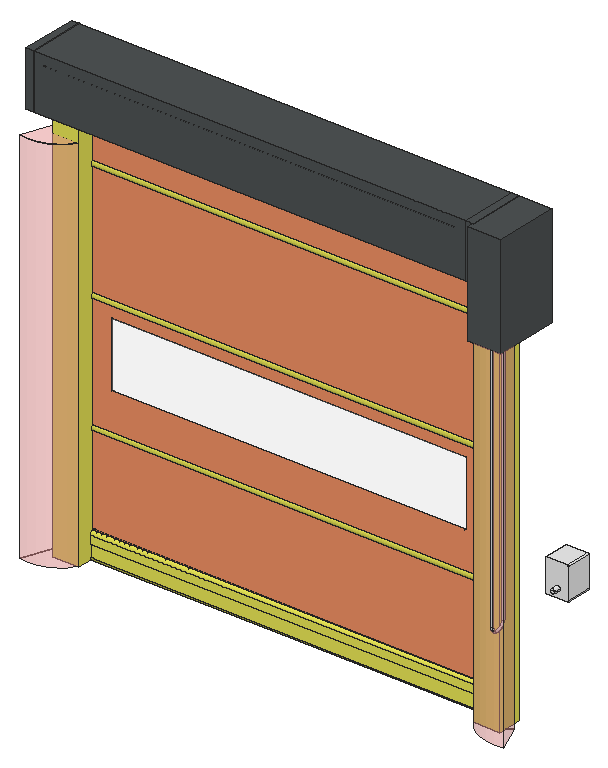
Revit family "Doors_Industrial_Wayne-Dalton_Strutted-Exterior-High-Speed-Fabric-Doors-Model-883-ADV-Xtreme_", category Specialty Equipment, host Wall, Revit 2019 (continued)
Definition of nested family "Panel"
  Forms (in)
    Extrusion 8, solid, material <- "Window Material", visible <- "Many Window"
      sketch origin (101.02023, 0, -10) x (1, 0, 0) y (0, 0, 1)
        loop
          line (-155.02023, 78) -> (-155.02023, 58) -> (-47.02023, 58) -> (-47.02023, 78) -> (-155.02023, 78)
      from 0 to 0.16
    Extrusion 9, solid, material <- "Window Material", visible <- "Many Window"
      sketch origin (101.02023, 0, -10) x (1, 0, 0) y (0, 0, 1)
        loop
          line (-155.02023, 78) -> (-155.02023, 58) -> (-47.02023, 58) -> (-47.02023, 78) -> (-155.02023, 78)
      from 0 to 0.16
    Extrusion 10, solid, material <- "Finish Material", visible <- "Struts Array Visibility"
      sketch origin (60, -180, -12.03597) x (0, 0, -1) y (0, -1, 0)
        loop
          line (-48.85597, -179.8315) -> (-48.70666, -179.8315) -> (-48.70666, -180.0085) -> (-48.85597, -180.0085)
          spline (-48.85597, -180.0085) -> (-48.79308, -180.09146) -> (-48.69212, -180.16584) -> (-48.55813, -180.22795) -> (-48.39782, -180.27467) -> (-48.21919, -180.30367) -> (-48.03116, -180.3135) -> (-47.84313, -180.30367) -> (-47.6645, -180.27467) -> (-47.50418, -180.22795) -> (-47.3702, -180.16584) -> (-47.26924, -180.09146) -> (-47.20635, -180.0085)
          line (-47.20635, -180.0085) -> (-47.35566, -180.0085) -> (-47.35566, -179.8315) -> (-47.20635, -179.8315)
          spline (-47.20635, -179.8315) -> (-47.26924, -179.74854) -> (-47.3702, -179.67416) -> (-47.50418, -179.61205) -> (-47.6645, -179.56533) -> (-47.84313, -179.53633) -> (-48.03116, -179.5265) -> (-48.21919, -179.53633) -> (-48.39782, -179.56533) -> (-48.55813, -179.61205) -> (-48.69212, -179.67416) -> (-48.79308, -179.74854) -> (-48.85597, -179.8315)
      from 0 to 120 <- "Width"
    Extrusion 11, solid, material <- "Finish Material", visible <- "Struts 1 Visibility"
      sketch origin (0, 0, -0.15413) x (0, 1, 0) y (0, 0, 1)
        loop
          spline (-0.1685, 36.97413) -> (-0.25146, 36.91123) -> (-0.32584, 36.81027) -> (-0.38795, 36.67629) -> (-0.43467, 36.51597) -> (-0.46367, 36.33734) -> (-0.4735, 36.14931) -> (-0.46367, 35.96128) -> (-0.43467, 35.78265) -> (-0.38795, 35.62234) -> (-0.32584, 35.48835) -> (-0.25146, 35.38739) -> (-0.1685, 35.3245)
          line (-0.1685, 35.3245) -> (-0.1685, 35.47381) -> (0.0085, 35.47381) -> (0.0085, 35.3245)
          spline (0.0085, 35.3245) -> (0.09146, 35.38739) -> (0.16584, 35.48835) -> (0.22795, 35.62234) -> (0.27467, 35.78265) -> (0.30367, 35.96128) -> (0.3135, 36.14931) -> (0.30367, 36.33734) -> (0.27467, 36.51597) -> (0.22795, 36.67629) -> (0.16584, 36.81027) -> (0.09146, 36.91123) -> (0.0085, 36.97413)
          line (0.0085, 36.97413) -> (0.0085, 36.82481) -> (-0.1685, 36.82481) -> (-0.1685, 36.97413)
      from -60 to 60
    Extrusion 12, solid, material <- "Finish Material", visible <- "Struts Array Visibility", not visible
      sketch origin (60, -182.54876, -17.30986) x (0, 0, -1) y (0, -1, 0)
        loop
          line (-51.49533, -179.8315) -> (-51.34601, -179.8315) -> (-51.34601, -180.0085) -> (-51.49533, -180.0085)
          spline (-51.49533, -180.0085) -> (-51.43243, -180.09146) -> (-51.33147, -180.16584) -> (-51.19749, -180.22795) -> (-51.03717, -180.27467) -> (-50.85854, -180.30367) -> (-50.67051, -180.3135) -> (-50.48248, -180.30367) -> (-50.30385, -180.27467) -> (-50.14354, -180.22795) -> (-50.00955, -180.16584) -> (-49.90859, -180.09146) -> (-49.8457, -180.0085)
          line (-49.8457, -180.0085) -> (-49.99501, -180.0085) -> (-49.99501, -179.8315) -> (-49.8457, -179.8315)
          spline (-49.8457, -179.8315) -> (-49.90859, -179.74854) -> (-50.00955, -179.67416) -> (-50.14354, -179.61205) -> (-50.30385, -179.56533) -> (-50.48248, -179.53633) -> (-50.67051, -179.5265) -> (-50.85854, -179.53633) -> (-51.03717, -179.56533) -> (-51.19749, -179.61205) -> (-51.33147, -179.67416) -> (-51.43243, -179.74854) -> (-51.49533, -179.8315)
      from 0 to 120 <- "Width"
    Extrusion 13, solid, material <- "Finish Material", visible <- "Struts Array Visibility"
      sketch origin (60, -180, 23.96403) x (0, 0, -1) y (0, -1, 0)
        loop
          line (-48.85597, -179.8315) -> (-48.70666, -179.8315) -> (-48.70666, -180.0085) -> (-48.85597, -180.0085)
          spline (-48.85597, -180.0085) -> (-48.79308, -180.09146) -> (-48.69212, -180.16584) -> (-48.55813, -180.22795) -> (-48.39782, -180.27467) -> (-48.21919, -180.30367) -> (-48.03116, -180.3135) -> (-47.84313, -180.30367) -> (-47.6645, -180.27467) -> (-47.50418, -180.22795) -> (-47.3702, -180.16584) -> (-47.26924, -180.09146) -> (-47.20635, -180.0085)
          line (-47.20635, -180.0085) -> (-47.35566, -180.0085) -> (-47.35566, -179.8315) -> (-47.20635, -179.8315)
          spline (-47.20635, -179.8315) -> (-47.26924, -179.74854) -> (-47.3702, -179.67416) -> (-47.50418, -179.61205) -> (-47.6645, -179.56533) -> (-47.84313, -179.53633) -> (-48.03116, -179.5265) -> (-48.21919, -179.53633) -> (-48.39782, -179.56533) -> (-48.55813, -179.61205) -> (-48.69212, -179.67416) -> (-48.79308, -179.74854) -> (-48.85597, -179.8315)
      from 0 to 120 <- "Width"
    Extrusion 14, solid, material <- "Finish Material", visible <- "Struts Array Visibility"
      sketch origin (60, -180, 59.96403) x (0, 0, -1) y (0, -1, 0)
        loop
          line (-48.85597, -179.8315) -> (-48.70666, -179.8315) -> (-48.70666, -180.0085) -> (-48.85597, -180.0085)
          spline (-48.85597, -180.0085) -> (-48.79308, -180.09146) -> (-48.69212, -180.16584) -> (-48.55813, -180.22795) -> (-48.39782, -180.27467) -> (-48.21919, -180.30367) -> (-48.03116, -180.3135) -> (-47.84313, -180.30367) -> (-47.6645, -180.27467) -> (-47.50418, -180.22795) -> (-47.3702, -180.16584) -> (-47.26924, -180.09146) -> (-47.20635, -180.0085)
          line (-47.20635, -180.0085) -> (-47.35566, -180.0085) -> (-47.35566, -179.8315) -> (-47.20635, -179.8315)
          spline (-47.20635, -179.8315) -> (-47.26924, -179.74854) -> (-47.3702, -179.67416) -> (-47.50418, -179.61205) -> (-47.6645, -179.56533) -> (-47.84313, -179.53633) -> (-48.03116, -179.5265) -> (-48.21919, -179.53633) -> (-48.39782, -179.56533) -> (-48.55813, -179.61205) -> (-48.69212, -179.67416) -> (-48.79308, -179.74854) -> (-48.85597, -179.8315)
      from 0 to 120 <- "Width"
  Cuts and joins
    Extrusion 3, Extrusion 4, Extrusion 5 cuts Extrusion 1
  Dimensions and locks (in)
    equal spacing: plane 5, plane 3 "Center (Left/Right)", plane 6
    "Width": plane 5 to plane 6
    "Height Real": plane 4 to level
    locked: plane 7 to plane 5 at 8
    locked: plane 6 to plane 8 at 8
    "Window Height": plane 12 to plane 11
    locked: Extrusion 1 sketch curve to level at 0.5
    locked: Extrusion 6 sketch curve to level at 0.5
    locked: plane 7 to plane 9 at 14
    locked: plane 8 to plane 10 at 14
    "1 Window Offset": plane 5 to plane 14
    equal spacing: Extrusion 3 sketch curve, plane 14, Extrusion 3 sketch curve
    "Window Width": Extrusion 3 sketch curve to Extrusion 3 sketch curve
    "Window Width": plane 9 to Extrusion 4 sketch curve
    "Window Width": plane 10 to Extrusion 5 sketch curve
    equal spacing: Extrusion 2 sketch curve, plane 3 "Center (Left/Right)", Extrusion 2 sketch curve
    "Window Width": Extrusion 2 sketch curve to Extrusion 2 sketch curve
    equal spacing: plane 12, plane 15, plane 11
    equal spacing: Extrusion 7 sketch curve, plane 3 "Center (Left/Right)", cut or joined group of Extrusion 1, Extrusion 3, Extrusion 4, Extrusion 5
    "Window Width": Extrusion 7 sketch curve to Extrusion 7 sketch curve
    "Window Width": Extrusion 8 sketch curve to Extrusion 8 sketch curve
    "Window Width": Extrusion 9 sketch curve to Extrusion 9 sketch curve
    group 1 to group 2 = 0"  (x3)
    locked: plane 11 to level at 48
    locked: plane 16 to level at 36.82
    locked: plane 17 to plane 16 at 36
    equal spacing: group 6, group 5, group 4
    equal spacing: group 4, group 5, group 6  (x2)
    aligned and locked: plane 2 to level
    aligned and locked: Extrusion 1 sketch curve to plane 5
    aligned and locked: Extrusion 1 sketch curve to plane 6
    aligned and locked: Extrusion 1 sketch curve to plane 4
    aligned and locked: Extrusion 2 sketch curve to plane 12
    aligned and locked: Extrusion 2 sketch curve to plane 11
    aligned and locked: Extrusion 4 sketch curve to plane 12
    aligned and locked: Extrusion 4 sketch curve to plane 11
    aligned and locked: Extrusion 4 sketch curve to plane 9
    aligned and locked: Extrusion 5 sketch curve to plane 10
    aligned and locked: Extrusion 5 sketch curve to plane 12
    aligned and locked: Extrusion 5 sketch curve to plane 11
    aligned and locked: Extrusion 6 sketch curve to plane 5
    aligned and locked: Extrusion 6 sketch curve to plane 6
    aligned and locked: Extrusion 6 sketch curve to plane 4
    aligned and locked: Extrusion 3 sketch curve to plane 12
    aligned and locked: plane 11 to Extrusion 3 sketch curve
    aligned and locked: Extrusion 6 to plane 6
    aligned and locked: Extrusion 6 to plane 5
    aligned and locked: Extrusion 7 sketch curve to plane 12
    aligned and locked: plane 11 to Extrusion 7 sketch curve
    aligned and locked: plane 9 to Extrusion 8
    aligned and locked: plane 10 to Extrusion 9
    aligned and locked: Extrusion 9 to plane 11
    aligned and locked: Extrusion 8 to plane 11
    aligned and locked: Extrusion 11 to plane 6
    aligned and locked: plane 5 to Extrusion 11
    aligned and locked: Extrusion 10 to plane 16
    aligned and locked: Extrusion 13 to plane 17
    aligned and locked: Extrusion 11 to plane 16
    aligned and locked: Extrusion 10 to plane 6
    aligned and locked: Extrusion 13 to plane 6
  Automatic sketch dimensions
    Extrusion 8 sketch curve to Extrusion 8 sketch curve = 20"
    Extrusion 9 sketch curve to Extrusion 9 sketch curve = 20"
    Extrusion 12 sketch curve to Extrusion 12 sketch curve = 0"  (x4)
    Extrusion 12 sketch curve to Extrusion 12 sketch curve = 0.14931"  (x3)
    Extrusion 12 sketch curve to Extrusion 12 sketch curve = 1.351"
    Extrusion 12 sketch curve to Extrusion 12 sketch curve = 0.177"  (x2)
    Extrusion 12 sketch curve to Extrusion 12 sketch curve = 0.305"
    Extrusion 12 sketch curve to Extrusion 12 sketch curve = 0.3935"
    plane 1 "Center (Front/Back)" to Extrusion 11 sketch curve = 0.1685"
    Extrusion 11 sketch curve to Extrusion 11 sketch curve = 0"  (x4)
    Extrusion 11 sketch curve to Extrusion 11 sketch curve = 0.177"  (x2)
    Extrusion 11 sketch curve to plane 16 = 1.64963"
    Extrusion 11 sketch curve to Extrusion 11 sketch curve = 0.14931"  (x3)
    Extrusion 11 sketch curve to Extrusion 11 sketch curve = 1.351"
    Extrusion 11 sketch curve to Extrusion 11 sketch curve = 0.0885"
    Extrusion 11 sketch curve to Extrusion 11 sketch curve = 0.3935"
    Extrusion 10 sketch curve to Extrusion 10 sketch curve = 0"  (x4)
    Extrusion 10 sketch curve to Extrusion 10 sketch curve = 0.14931"  (x3)
    Extrusion 10 sketch curve to Extrusion 10 sketch curve = 1.351"
    Extrusion 10 sketch curve to Extrusion 10 sketch curve = 0.177"  (x2)
    Extrusion 10 sketch curve to Extrusion 10 sketch curve = 0.305"
    Extrusion 10 sketch curve to Extrusion 10 sketch curve = 0.3935"
    Extrusion 13 sketch curve to Extrusion 13 sketch curve = 0"  (x4)
    Extrusion 13 sketch curve to Extrusion 13 sketch curve = 0.14931"  (x3)
    Extrusion 13 sketch curve to Extrusion 13 sketch curve = 1.351"
    Extrusion 13 sketch curve to Extrusion 13 sketch curve = 0.177"  (x2)
    Extrusion 13 sketch curve to Extrusion 13 sketch curve = 0.305"
    Extrusion 13 sketch curve to Extrusion 13 sketch curve = 0.3935"
    Extrusion 14 sketch curve to Extrusion 14 sketch curve = 0"  (x4)
    Extrusion 14 sketch curve to Extrusion 14 sketch curve = 0.14931"  (x3)
    Extrusion 14 sketch curve to Extrusion 14 sketch curve = 1.351"
    Extrusion 14 sketch curve to Extrusion 14 sketch curve = 0.177"  (x2)
    Extrusion 14 sketch curve to Extrusion 14 sketch curve = 0.305"
    Extrusion 14 sketch curve to Extrusion 14 sketch curve = 0.3935"
Types (7): name | Three Phase Controller | One Phase Controller | External Transformer | Voltage | Number of Poles | Apparent Load Phase 3 | Apparent Load Phase 2 | Apparent Load Phase 1
  115 volts, one phase, 60 Hz (110-120V range) | no | yes | no | 115 V | 1 | 0 VA | 0 VA | 2300 VA
  208 volts, one phase, 60 Hz (190-207V range) | no | yes | yes | 208 V | 1 | 0 VA | 0 VA | 4160 VA
  208 volts, three phase, 60 Hz (190-207 V range) | yes | no | yes | 208 V | 3 | 2401.78 VA | 2401.78 VA | 2401.78 VA
  230 volts, one phase, 60 Hz (208-245V range) | no | yes | no | 230 V | 1 | 0 VA | 0 VA | 4600 VA
  230 volts, three phase, 60 Hz (208-245 V range) | yes | no | no | 230 V | 3 | 2655.81 VA | 2655.81 VA | 2655.81 VA
  460 volts, three phase, 60 Hz (456-495 V range) | yes | no | no | 460 V | 3 | 5311.62 VA | 5311.62 VA | 5311.62 VA
  575 volts, three phase, 60 Hz | yes | no | yes | 575 V | 3 | 6639.53 VA | 6639.53 VA | 6639.53 VA
